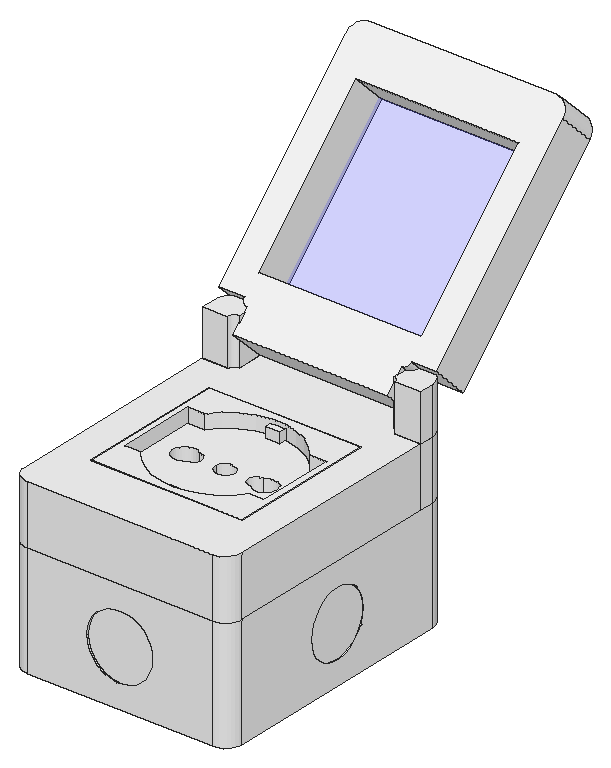
Revit family "Domotics-DomesticRanges-GEWISS-27COMBI_SYSTEM-IP55_SOCKET-OUTLET_ITA_DEU", category Apparecchi elettrici, host Superficie, Revit 2016
Family settings
  Host = Superficie
  Mantenere orientamento annotazione = Sì
  Tipo di parte = Normale
  Quota connettore circolare = Usa diametro
  Numero OmniClass = 23.80.50.14
  Titolo OmniClass = Plug Connectors
  Taglio con vuoti quando caricato = Sì
  Condiviso = Sì
  Punto di calcolo locali = No
Parameters (values of type "GW27842 - 2P+E 16A d.amp ita/ger std socket IP55")
  Voltage: = "250 V ac"
  Voltage = "230V ac"
  Version file RFA = "19.4"
  VISTA DI PIANTA [instance] = yes
  URL = "https://www.gewiss.com/ww/en"
  Type of knockout holes = "Removable with tool"
  Type = "S.-outlet 2P+E - 16A Dual amp"
  Torque screws tightening = "0,8NM"
  Thermo-pressure with ball = "70 °C"
  Technical sheet = "https://www.gewiss.com/ww/en/search?q=GW27842"
  Standard; = "IEC 60884-1"
  Standard = "Italian/German"
  SPORTELLO APERTO [instance] = yes
  SIMBOLO [instance] = yes
  SEO = "Enclosure"
  Realized by GEWISS S.p.A. = ""
  Produttore = "GEWISS S.p.A."
  Outer dim. LxHxD (mm) = "66x82x65"
  Offset = 0 mm
  No. knockout holes Ã˜23 = "3 on sides / 1 on the bottom"
  N. holes Ã˜ 23 with cable gland = "1"
  Modello = "GW27842"
  Lid screws = "Stainless steel"
  Insulation class = "II"
  Installation temperature = "-25 +60 °C"
  IP degree = "IP55"
  IFC.TypeObject = ""
  IFC.ExportType = ""
  IFC.ExportAs = ""
  IDT = "3b018f5d-86a1-401d-8f1c-9e058016ca43"
  IDF = "2141a575-97d9-42de-a12f-0ec552d68032"
  Glow Wire Test = "650°C"
  GW - Testo elettrico = "10/16"
  Default Elevation = 1219.2 mm
  Immagine tipo = GW27842.jpg
  Electrocod = "0131"
  EAN code = "8011564095472"
  Door type = "With membrane"
  Door colour: = "Transparent"
  Distanza orizzontale del simbolo [instance] = 280.245 mm
  Distanza dal muro [instance] = 0 mm
  Descrizione = "2P+E 16A D.AMP ITA/GER STD SOCKET IP55"
  Description: = "S.-outlet 2P+E - 16A Dual amp"
  Cornice simbolo [instance] = yes
  Colour = "Grey RAL 7035"
  Characteristics = "Italian/German standard"
  Catalogue Range = "27COMBI"
  Catalogue = "DOMOTICS"
  COBie.Tagnumber = ""
  COBie.CreatedOn = ""
  COBie.CreatebBy = ""
  COBie.ComponentRegisterItemID = ""
  COBie.Component.TagNumber = ""
  COBie.Component.Space = ""
  COBie.Component.SerialNumber = ""
  COBie.Component.InstallationDate = ""
  COBie.Component.Description = ""
  COBie.Component.BarCode = ""
Reference planes
  plane 1 "Centro (Fronte/Retro)": y = 0
  plane 2: z = 0
  plane 3 "Centro (Sinistra/Destra)": x = 0
  plane 4: z = 0
  plane 5: y = 41
  plane 6: y = -41
  plane 7: x = -33
  plane 8: x = 33
  plane 9: z = 60
  plane 10: x = -280.245
Lines and regions (mm)
  Masking region 1, visible <- "VISTA DI PIANTA"
    outline origin (0, 0, 0) x (1, 0, 0) y (0, 0, 1)
      loop
        line (-33, 60) -> (-33, 0) -> (33, 0) -> (33, 60) -> (-33, 60)
  Masking region 2, visible <- "VISTA DI PIANTA", detail levels medium+fine
    outline origin (0, 0, 0) x (1, 0, 0) y (0, 0, 1)
      loop
        circle (0, 17) r 10
  Masking region 3
    outline origin (0, 0, 0) x (0, 1, 0) y (0, 0, 1)
      loop
        line (-41, 0) -> (41, 0) -> (41, 60) -> (-41, 60) -> (-41, 0)
  Masking region 4, detail levels medium+fine
    outline origin (0, 0, 0) x (0, 1, 0) y (0, 0, 1)
      loop
        circle (0, 17) r 11.5
  Masking region 5
    outline origin (0, 0, 0) x (1, 0, 0) y (0, 1, 0)
      loop
        line (-20.961, 10.913) -> (-20.961, -12.913) -> (-16.493, -12.913)
        arc (-16.493, -12.913) -> (0, -21.345) -> (16.493, -12.913) r 20.345
        line (16.493, -12.913) -> (20.961, -12.913) -> (20.961, 10.913) -> (16.013, 10.913)
        arc (16.013, 10.913) -> (0, 18.959) -> (-16.013, 10.913) r 19.959
        line (-16.013, 10.913) -> (-20.961, 10.913)
      loop
        line (-23, 21.5) -> (-23, -23.5) -> (23, -23.5) -> (23, 21.5) -> (-23, 21.5)
  Masking region 6
    outline origin (0, 0, 0) x (1, 0, 0) y (0, 1, 0)
      loop
        line (-2.211, 18.836) -> (-2.211, 16.826) -> (2.211, 16.826) -> (2.211, 18.836)
        arc (2.211, 18.836) -> (0, 18.959) -> (-2.211, 18.836) r 19.959
      loop
        arc (-2.211, -21.223) -> (0, -21.345) -> (2.211, -21.223) r 19.959
        line (2.211, -21.223) -> (2.211, -19.213) -> (-2.211, -19.213) -> (-2.211, -21.223)
  Masking region 7
    outline origin (0, 0, 0) x (1, 0, 0) y (0, 1, 0)
      loop
        arc (-9.805, 1.27) -> (-15.774, -1.395) -> (-9.662, -3.712) r 3.536
        arc (-9.662, -3.712) -> (-7.04, -1.143) -> (-9.805, 1.27) r 2.5
      loop
        circle (0.006, -1.137) r 2.942
      loop
        arc (9.662, -3.712) -> (15.774, -1.395) -> (9.805, 1.27) r 3.536
        arc (9.805, 1.27) -> (7.04, -1.143) -> (9.662, -3.712) r 2.5
      loop
        line (-16.013, 10.913) -> (-20.961, 10.913) -> (-20.961, -12.913) -> (-16.493, -12.913)
        arc (-16.493, -12.913) -> (-10.234, -18.584) -> (-2.211, -21.225) r 20.345
        line (-2.211, -21.225) -> (-2.211, -19.213) -> (2.211, -19.213) -> (2.211, -21.225)
        arc (2.211, -21.225) -> (10.234, -18.584) -> (16.493, -12.913) r 20.345
        line (16.493, -12.913) -> (20.961, -12.913) -> (20.961, 10.913) -> (16.013, 10.913)
        arc (16.013, 10.913) -> (9.936, 16.31) -> (2.211, 18.836) r 19.959
        line (2.211, 18.836) -> (2.211, 16.826) -> (-2.211, 16.826) -> (-2.211, 18.836)
        arc (-2.211, 18.836) -> (-9.936, 16.31) -> (-16.013, 10.913) r 19.959
  model lines, detail levels coarse
    curve 1: line (-23, 21.5, 60) -> (-23, -23.5, 60)
    curve 2: line (-23, -23.5, 60) -> (23, -23.5, 60)
    curve 3: line (23, -23.5, 60) -> (23, 21.5, 60)
    curve 4: line (23, 21.5, 60) -> (-23, 21.5, 60)
    curve 5: arc (16.493, -12.913, 60) -> (0, -21.345, 60) -> (-16.493, -12.913, 60) r 20.345
    curve 6: line (-16.493, -12.913, 60) -> (-20.961, -12.913, 60)
    curve 7: line (-20.961, -12.913, 60) -> (-20.961, 10.913, 60)
    curve 8: line (-20.961, 10.913, 60) -> (-16.013, 10.913, 60)
    curve 9: arc (-16.013, 10.913, 60) -> (0, 18.959, 60) -> (16.013, 10.913, 60) r 19.959
    curve 10: line (16.013, 10.913, 60) -> (20.961, 10.913, 60)
    curve 11: line (20.961, 10.913, 60) -> (20.961, -12.913, 60)
    curve 12: line (20.961, -12.913, 60) -> (16.493, -12.913, 60)
    curve 13: arc (-9.662, -3.712, 60) -> (-15.774, -1.395, 60) -> (-9.805, 1.27, 60) r 3.536
    curve 14: arc (-9.805, 1.27, 60) -> (-7.04, -1.143, 60) -> (-9.662, -3.712, 60) r 2.5
    curve 15: arc (2.948, -1.137, 60) -> (0.006, -4.079, 60) -> (-2.935, -1.137, 60) r 2.942
    curve 16: arc (-2.935, -1.137, 60) -> (0.006, 1.805, 60) -> (2.948, -1.137, 60) r 2.942
    curve 17: arc (9.805, 1.27, 60) -> (15.774, -1.395, 60) -> (9.662, -3.712, 60) r 3.536
    curve 18: arc (9.662, -3.712, 60) -> (7.04, -1.143, 60) -> (9.805, 1.27, 60) r 2.5
    curve 19: arc (2.211, 18.836, 60) -> (0, 18.959, 60) -> (-2.211, 18.836, 60) r 19.959
    curve 20: line (-2.211, 18.836, 60) -> (-2.211, 16.826, 60)
    curve 21: line (-2.211, 16.826, 60) -> (2.211, 16.826, 60)
    curve 22: line (2.211, 16.826, 60) -> (2.211, 18.836, 60)
    curve 23: line (2.211, -19.215, 60) -> (-2.211, -19.215, 60)
    curve 24: line (-2.211, -19.215, 60) -> (-2.211, -21.225, 60)
    curve 25: arc (-2.211, -21.225, 60) -> (0, -21.345, 60) -> (2.211, -21.225, 60) r 20.345
    curve 26: line (2.211, -21.225, 60) -> (2.211, -19.215, 60)
  model lines, not visible, detail levels coarse
    curve 27: line (-23, 21.5, 60) -> (-23, -23.5, 60)
    curve 28: line (-23, -23.5, 60) -> (23, -23.5, 60)
    curve 29: line (23, -23.5, 60) -> (23, 21.5, 60)
    curve 30: line (23, 21.5, 60) -> (-23, 21.5, 60)
    curve 31: arc (16.493, -12.913, 60) -> (0, -21.345, 60) -> (-16.493, -12.913, 60) r 20.345
    curve 32: line (-16.493, -12.913, 60) -> (-20.961, -12.913, 60)
    curve 33: line (-20.961, -12.913, 60) -> (-20.961, 10.913, 60)
    curve 34: line (-20.961, 10.913, 60) -> (-16.013, 10.913, 60)
    curve 35: arc (-16.013, 10.913, 60) -> (0, 18.959, 60) -> (16.013, 10.913, 60) r 19.959
    curve 36: line (16.013, 10.913, 60) -> (20.961, 10.913, 60)
    curve 37: line (20.961, 10.913, 60) -> (20.961, -12.913, 60)
    curve 38: line (20.961, -12.913, 60) -> (16.493, -12.913, 60)
    curve 39: arc (-9.662, -3.712, 60) -> (-15.774, -1.395, 60) -> (-9.805, 1.27, 60) r 3.536
    curve 40: arc (-9.805, 1.27, 60) -> (-7.04, -1.143, 60) -> (-9.662, -3.712, 60) r 2.5
    curve 41: arc (2.948, -1.137, 60) -> (0.006, -4.079, 60) -> (-2.935, -1.137, 60) r 2.942
    curve 42: arc (-2.935, -1.137, 60) -> (0.006, 1.805, 60) -> (2.948, -1.137, 60) r 2.942
    curve 43: arc (9.805, 1.27, 60) -> (15.774, -1.395, 60) -> (9.662, -3.712, 60) r 3.536
    curve 44: arc (9.662, -3.712, 60) -> (7.04, -1.143, 60) -> (9.805, 1.27, 60) r 2.5
    curve 45: arc (2.211, 18.836, 60) -> (0, 18.959, 60) -> (-2.211, 18.836, 60) r 19.959
    curve 46: line (-2.211, 18.836, 60) -> (-2.211, 16.826, 60)
    curve 47: line (-2.211, 16.826, 60) -> (2.211, 16.826, 60)
    curve 48: line (2.211, 16.826, 60) -> (2.211, 18.836, 60)
    curve 49: line (2.211, -19.215, 60) -> (-2.211, -19.215, 60)
    curve 50: line (-2.211, -19.215, 60) -> (-2.211, -21.225, 60)
    curve 51: arc (-2.211, -21.225, 60) -> (0, -21.345, 60) -> (2.211, -21.225, 60) r 20.345
    curve 52: line (2.211, -21.225, 60) -> (2.211, -19.215, 60)
Dimensions and locks
  "Offset": plane 4 to host face
  locked: plane 7 to plane 8 at 66
  locked: plane 5 to plane 6 at 82
  locked: plane 9 to plane 4 at 60
  "Distanza orizzontale del simbolo": plane 10 to plane 3 "Centro (Sinistra/Destra)"
  aligned and locked: plane 2 to host face
  aligned and locked: level to host face
  aligned and locked: plane 3 "Centro (Sinistra/Destra)" to nested 1
  aligned and locked: plane 1 "Centro (Fronte/Retro)" to nested 1
  aligned and locked: nested 1 to plane 4
  aligned and locked: plane 7 to nested 1
  aligned and locked: plane 8 to nested 1
  aligned and locked: plane 6 to nested 1
  aligned and locked: plane 5 to nested 1
  aligned and locked: Masking region 1 sketch curve to plane 9
  aligned and locked: plane 8 to Masking region 1 sketch curve
  aligned and locked: Masking region 1 sketch curve to plane 7
  aligned and locked: plane 4 to Masking region 1 sketch curve
  aligned and locked: Masking region 3 sketch curve to plane 4
  aligned and locked: plane 9 to Masking region 3 sketch curve
  aligned and locked: plane 5 to Masking region 3 sketch curve
  aligned and locked: Masking region 3 sketch curve to plane 6
  aligned and locked: nested 1 to nested 2
  aligned and locked: nested 2 to nested 1  (x2)
  aligned and locked: plane 10 to nested 3
Automatic sketch dimensions
  host sketch curve to host sketch curve = 2438.4 mm  (x2)
  Masking region 2 sketch curve to plane 3 "Centro (Sinistra/Destra)" = 0 mm
  level to Masking region 2 sketch curve = 17 mm
  Masking region 4 sketch curve to plane 1 "Centro (Fronte/Retro)" = 0 mm
  level to Masking region 4 sketch curve = 17 mm
  curve 5 to curve 9 = 0 mm  (x4)
  curve 5 to curve 19 = 0 mm  (x4)
  curve 5 to curve 25 = 0 mm  (x4)
  curve 14 to curve 9 = 9.539 mm
  curve 5 to curve 16 = 0.006 mm
  curve 15 to curve 18 = 9.533 mm
  curve 13 to curve 17 = 0 mm
  curve 13 to curve 14 = 0.078 mm
  curve 17 to curve 18 = 0.078 mm
  curve 18 to curve 16 = 0.079 mm
  curve 15 to curve 5 = 0.137 mm
  curve 8 to curve 13 = 3.774 mm
  curve 6 to curve 13 = 4.253 mm
  curve 8 to curve 8 = 4.947 mm
  curve 1 to curve 7 = 2.039 mm
  curve 14 to curve 14 = 0.266 mm
  curve 14 to curve 14 = 0.122 mm
  curve 16 to curve 5 = 2.935 mm
  curve 19 to curve 20 = 0 mm  (x2)
  curve 19 to curve 22 = 4.421 mm
  curve 23 to curve 23 = 4.421 mm
  curve 26 to curve 25 = 0 mm  (x2)
  curve 18 to curve 17 = 0.122 mm
  curve 18 to curve 17 = 0.266 mm
  curve 17 to curve 10 = 6.208 mm
  curve 18 to curve 12 = 6.831 mm
  curve 12 to curve 12 = 4.468 mm
  curve 11 to curve 3 = 2.039 mm
  curve 14 to curve 14 = 2.497 mm
  curve 18 to curve 18 = 2.497 mm
  curve 6 to curve 13 = 9.201 mm
  curve 23 to curve 5 = 6.302 mm
  curve 24 to curve 23 = 2.01 mm
  curve 25 to curve 24 = 0 mm
  curve 3 to curve 11 = 10.587 mm
  curve 10 to curve 22 = 5.913 mm
  curve 21 to curve 22 = 2.01 mm
  curve 20 to curve 20 = 2.01 mm
  curve 10 to curve 4 = 10.587 mm
  curve 9 to curve 19 = 0 mm  (x2)
  curve 9 to curve 25 = 0 mm  (x2)
  curve 15 to curve 16 = 0 mm  (x2)
  curve 19 to curve 25 = 0 mm  (x2)
  curve 31 to curve 35 = 0 mm  (x4)
  curve 31 to curve 45 = 0 mm  (x4)
  curve 31 to curve 51 = 0 mm  (x4)
  curve 40 to curve 35 = 9.539 mm
  curve 31 to curve 42 = 0.006 mm
  curve 41 to curve 44 = 9.533 mm
  curve 39 to curve 43 = 0 mm
  curve 39 to curve 40 = 0.078 mm
  curve 43 to curve 44 = 0.078 mm
  curve 44 to curve 42 = 0.079 mm
  curve 41 to curve 31 = 0.137 mm
  curve 34 to curve 39 = 3.774 mm
  curve 32 to curve 39 = 4.253 mm
  curve 34 to curve 34 = 4.947 mm
  curve 27 to curve 33 = 2.039 mm
  curve 40 to curve 40 = 0.266 mm
  curve 40 to curve 40 = 0.122 mm
  curve 42 to curve 31 = 2.935 mm
  curve 45 to curve 46 = 0 mm  (x2)
  curve 45 to curve 48 = 4.421 mm
  curve 49 to curve 49 = 4.421 mm
  curve 52 to curve 51 = 0 mm  (x2)
  curve 44 to curve 43 = 0.122 mm
  curve 44 to curve 43 = 0.266 mm
  curve 43 to curve 36 = 6.208 mm
  curve 44 to curve 38 = 6.831 mm
  curve 38 to curve 38 = 4.468 mm
  curve 37 to curve 29 = 2.039 mm
  curve 40 to curve 40 = 2.497 mm
  curve 44 to curve 44 = 2.497 mm
  curve 32 to curve 39 = 9.201 mm
  curve 49 to curve 31 = 6.302 mm
  curve 50 to curve 49 = 2.01 mm
  curve 51 to curve 50 = 0 mm
  curve 29 to curve 37 = 10.587 mm
  curve 36 to curve 48 = 5.913 mm
  curve 47 to curve 48 = 2.01 mm
  curve 46 to curve 46 = 2.01 mm
  curve 36 to curve 30 = 10.587 mm
  curve 35 to curve 45 = 0 mm  (x2)
  curve 35 to curve 51 = 0 mm  (x2)
  curve 41 to curve 42 = 0 mm  (x2)
  curve 45 to curve 51 = 0 mm  (x2)
  Masking region 5 sketch curve to Masking region 5 sketch curve = 0 mm  (x2)
  Masking region 5 sketch curve to plane 3 "Centro (Sinistra/Destra)" = 0 mm
  Masking region 5 sketch curve to plane 3 "Centro (Sinistra/Destra)" = 16.013 mm
  Masking region 5 sketch curve to plane 3 "Centro (Sinistra/Destra)" = 16.493 mm
  Masking region 5 sketch curve to Masking region 5 sketch curve = 4.947 mm  (x2)
  Masking region 5 sketch curve to plane 1 "Centro (Fronte/Retro)" = 10.913 mm
  plane 3 "Centro (Sinistra/Destra)" to Masking region 5 sketch curve = 16.013 mm
  plane 1 "Centro (Fronte/Retro)" to Masking region 5 sketch curve = 12.913 mm
  plane 3 "Centro (Sinistra/Destra)" to Masking region 5 sketch curve = 16.493 mm
  plane 1 "Centro (Fronte/Retro)" to Masking region 5 sketch curve = 1 mm
  Masking region 5 sketch curve to plane 7 = 10 mm
  plane 8 to Masking region 5 sketch curve = 10 mm
  Masking region 5 sketch curve to Masking region 5 sketch curve = 10.587 mm  (x2)
  Masking region 6 sketch curve to plane 3 "Centro (Sinistra/Destra)" = 0 mm  (x2)
  Masking region 6 sketch curve to plane 3 "Centro (Sinistra/Destra)" = 2.211 mm  (x2)
  plane 3 "Centro (Sinistra/Destra)" to Masking region 6 sketch curve = 2.211 mm  (x2)
  plane 1 "Centro (Fronte/Retro)" to Masking region 6 sketch curve = 21.223 mm
  Masking region 6 sketch curve to Masking region 6 sketch curve = 2.01 mm  (x2)
  plane 1 "Centro (Fronte/Retro)" to Masking region 6 sketch curve = 1 mm
  plane 1 "Centro (Fronte/Retro)" to Masking region 6 sketch curve = 1.387 mm
  Masking region 6 sketch curve to Masking region 6 sketch curve = 18.213 mm
  Masking region 7 sketch curve to Masking region 7 sketch curve = 0 mm  (x6)
  Masking region 7 sketch curve to plane 3 "Centro (Sinistra/Destra)" = 0 mm
  Masking region 7 sketch curve to plane 3 "Centro (Sinistra/Destra)" = 2.211 mm  (x2)
  plane 1 "Centro (Fronte/Retro)" to Masking region 7 sketch curve = 1.215 mm  (x2)
  Masking region 7 sketch curve to Masking region 7 sketch curve = 2.701 mm  (x2)
  Masking region 7 sketch curve to Masking region 7 sketch curve = 3.774 mm  (x2)
  Masking region 7 sketch curve to Masking region 7 sketch curve = 4.253 mm  (x2)
  Masking region 7 sketch curve to Masking region 7 sketch curve = 4.468 mm
  plane 3 "Centro (Sinistra/Destra)" to Masking region 7 sketch curve = 0.006 mm
  plane 3 "Centro (Sinistra/Destra)" to Masking region 7 sketch curve = 2.211 mm  (x2)
  Masking region 7 sketch curve to Masking region 7 sketch curve = 4.947 mm
  plane 1 "Centro (Fronte/Retro)" to Masking region 7 sketch curve = 1.293 mm  (x2)
  Masking region 7 sketch curve to Masking region 7 sketch curve = 6.3 mm
  Masking region 7 sketch curve to Masking region 7 sketch curve = 2.012 mm  (x2)
  Masking region 7 sketch curve to Masking region 7 sketch curve = 0.137 mm
  Masking region 7 sketch curve to plane 1 "Centro (Fronte/Retro)" = 10.913 mm  (x2)
  Masking region 7 sketch curve to Masking region 7 sketch curve = 2.01 mm
  Masking region 7 sketch curve to plane 3 "Centro (Sinistra/Destra)" = 2.935 mm
  Masking region 7 sketch curve to Masking region 7 sketch curve = 0.122 mm  (x2)
  Masking region 7 sketch curve to plane 1 "Centro (Fronte/Retro)" = 1.27 mm  (x2)
  plane 1 "Centro (Fronte/Retro)" to Masking region 7 sketch curve = 1.137 mm
  Masking region 7 sketch curve to Masking region 7 sketch curve = 9.201 mm
  Masking region 7 sketch curve to Masking region 7 sketch curve = 6.604 mm
  radius of Masking region 2 sketch curve = 10 mm
  radius of Masking region 4 sketch curve = 11.5 mm
Nested families
  nested 1: "SYSTEM CONTENITORI IP55 COMPL PRESE ITAGER_BASE" at (0, 0, 0), Sportello aperto <- "SPORTELLO APERTO", type "GW27842"
    with Sportello chiuso no, Sportello aperto yes
  nested 2: "SYSTEM PRESE ITAGER P17-30 16A_BASE" at (0, -1, 15.3), type "GW20246 - PRESA 2P+T 16A BIV.ST.ITALIANO/TED.SY/WT"
  nested 3: "SIMBOLO PRESE" at (-280.245, 272.523, 0), Distanza dal muro <- "Distanza dal muro", BORDO ACCESO <- "Cornice simbolo", TESTO ELETTRICO <- "GW - Testo elettrico", SIMBOLO <- "SIMBOLO", type "PRESA"
    with TESTO ELETTRICO "10/16", SIMBOLO yes, Distanza dal muro 0 mm, BORDO ACCESO yes
Connectors
  cabletrayconduit at (33, 0, 17), diameter 20
    settings: on nested 1, index 1, connector width 300 mm, connector height 300 mm, connector angle 0.00°, system type 32, placement type 0, profile type 0, connector reference index -1, is primary connector yes, connector utility param no, connector description ""
  cabletrayconduit at (0, -40.592, 17), diameter 20
    settings: on nested 1, index 2, connector width 300 mm, connector height 300 mm, connector angle 0.00°, system type 32, placement type 0, profile type 0, connector reference index -1, is primary connector no, connector utility param no, connector description ""
  cabletrayconduit at (-32.526, 0, 17), diameter 20
    settings: on nested 1, index 3, connector width 300 mm, connector height 300 mm, connector angle 0.00°, system type 32, placement type 0, profile type 0, connector reference index -1, is primary connector no, connector utility param no, connector description ""
  cabletrayconduit at (0, 40.592, 17), diameter 20
    settings: on nested 1, index 4, connector width 300 mm, connector height 300 mm, connector angle 0.00°, system type 32, placement type 0, profile type 0, connector reference index -1, is primary connector no, connector utility param no, connector description ""
Definition of nested family "SYSTEM CONTENITORI IP55 COMPL PRESE ITAGER_BASE"
  Parameters (values of type "GW27842")
    VETRO = none
    Sportello chiuso [instance] = not(Sportello aperto)  # no
    Sportello aperto [instance] = yes
    Profondità scatola = 34 mm
    Offset bidimensionale = 60 mm
    Larghezza scatola = 66 mm
    SCATOLA = none
    Larghezza foro = 46 mm
    Default Elevation = 1219.2 mm
    Altezza scatola = 82 mm
    Altezza foro = 45 mm
  Reference planes
    plane 1 "Centro (Fronte/Retro)": y = 0
    plane 2: z = 0
    plane 3 "Centro (Sinistra/Destra)": x = 0
    plane 4: x = -33
    plane 5: x = 33
    plane 6 "1": y = 41
    plane 7: y = -41
    plane 8 "PIANO 1": z = 66
    plane 9: z = 34
    plane 10: z = 2
    plane 11: z = 52
    plane 12: x = -23
    plane 13: x = 23
    plane 14: y = 21.5
    plane 15: y = -23.5
    plane 16: z = 17
    plane 17 "PIANO BIDIMENSINOALE": z = 60
  Forms (mm)
    Extrusion 1, solid, material <- "SCATOLA", detail levels medium+fine
      sketch origin (0, 0, 66) x (0, -1, 0) y (1, 0, 0)
        loop
          arc (-41, -28) -> (-39.536, -31.536) -> (-36, -33) r 5
          line (-36, -33) -> (36, -33)
          arc (36, -33) -> (39.536, -31.536) -> (41, -28) r 5
          line (41, -28) -> (41, 28)
          arc (41, 28) -> (39.536, 31.536) -> (36, 33) r 5
          line (36, 33) -> (-36, 33)
          arc (-36, 33) -> (-39.536, 31.536) -> (-41, 28) r 5
          line (-41, 28) -> (-41, -28)
      from -66 to -32
    Extrusion 2, void, detail levels medium+fine
      sketch origin (0, 0, 66) x (0, -1, 0) y (1, 0, 0)
        loop
          line (-40, 28) -> (-40, -28)
          arc (-40, -28) -> (-38.828, -30.828) -> (-36, -32) r 4
          line (-36, -32) -> (36, -32)
          arc (36, -32) -> (38.828, -30.828) -> (40, -28) r 4
          line (40, -28) -> (40, 28)
          arc (40, 28) -> (38.828, 30.828) -> (36, 32) r 4
          line (36, 32) -> (-36, 32)
          arc (-36, 32) -> (-38.828, 30.828) -> (-40, 28) r 4
      from -64 to -32
    Extrusion 3, solid, material <- "SCATOLA", visible <- "Sportello chiuso", detail levels medium+fine
      sketch origin (0, 0, 66) x (0, -1, 0) y (1, 0, 0)
        loop
          line (-41, -23.414) -> (-33.415, -23.414)
          arc (-33.415, -23.414) -> (-32.861, -24.751) -> (-31.525, -25.304) r 1.89
          line (-31.525, -25.304) -> (-31.525, -33) -> (36, -33)
          arc (36, -33) -> (39.536, -31.536) -> (41, -28) r 5
          line (41, -28) -> (41, 28)
          arc (41, 28) -> (39.536, 31.536) -> (36, 33) r 5
          line (36, 33) -> (-31.525, 33) -> (-31.525, 25.304)
          arc (-31.525, 25.304) -> (-32.861, 24.751) -> (-33.415, 23.414) r 1.89
          line (-33.415, 23.414) -> (-41, 23.414) -> (-41, -23.414)
        loop
          line (26.857, 24.717) -> (-24.857, 24.717) -> (-24.857, -24.717) -> (26.857, -24.717) -> (26.857, 24.717)
      from -14 to 0
    Extrusion 4, solid, material <- "SCATOLA", detail levels medium+fine
      sketch origin (0, 0, 66) x (0, -1, 0) y (1, 0, 0)
        loop
          line (-41, -23.414) -> (-33.415, -23.414)
          arc (-33.415, -23.414) -> (-32.861, -24.751) -> (-31.525, -25.304) r 1.89
          line (-31.525, -25.304) -> (-31.525, -33) -> (36, -33)
          arc (36, -33) -> (39.536, -31.536) -> (41, -28) r 5
          line (41, -28) -> (41, 28)
          arc (41, 28) -> (39.536, 31.536) -> (36, 33) r 5
          line (36, 33) -> (-31.525, 33) -> (-31.525, 25.304)
          arc (-31.525, 25.304) -> (-32.861, 24.751) -> (-33.415, 23.414) r 1.89
          line (-33.415, 23.414) -> (-41, 23.414) -> (-41, -23.414)
        loop
          line (23.5, 23) -> (-21.5, 23) -> (-21.5, -23) -> (23.5, -23) -> (23.5, 23)
      from -32 to -14
    Extrusion 5, solid, material <- "SCATOLA", detail levels medium+fine
      sketch origin (0, 0, 66) x (0, -1, 0) y (1, 0, 0)
        loop
          arc (-41, -28) -> (-39.536, -31.536) -> (-36, -33) r 5
          line (-36, -33) -> (-31.525, -33) -> (-31.525, -25.304)
          arc (-31.525, -25.304) -> (-32.861, -24.751) -> (-33.415, -23.414) r 1.89
          line (-33.415, -23.414) -> (-41, -23.414) -> (-41, -28)
      from -14 to 0
    Extrusion 6, solid, material <- "SCATOLA", detail levels medium+fine
      sketch origin (0, 0, 66) x (0, -1, 0) y (1, 0, 0)
        loop
          line (-41, 28) -> (-41, 23.414) -> (-33.415, 23.414)
          arc (-33.415, 23.414) -> (-32.861, 24.751) -> (-31.525, 25.304) r 1.89
          line (-31.525, 25.304) -> (-31.525, 33) -> (-36, 33)
          arc (-36, 33) -> (-39.536, 31.536) -> (-41, 28) r 5
      from -14 to 0
    Extrusion 7, solid, material <- "VETRO", visible <- "Sportello chiuso", detail levels medium+fine
      sketch origin (0, 0, 66) x (0, -1, 0) y (1, 0, 0)
        loop
          line (-24.857, -24.717) -> (26.857, -24.717) -> (26.857, 24.717) -> (-24.857, 24.717) -> (-24.857, -24.717)
      from -1.5 to 0
    Extrusion 8, solid, material <- "SCATOLA", visible <- "Sportello aperto", detail levels medium+fine
      sketch origin (0, 69.991, 80.991) x (0, 0.707107, 0.707107) y (1, 0, 0)
        loop
          line (-41, -23.414) -> (-33.415, -23.414)
          arc (-33.415, -23.414) -> (-32.861, -24.751) -> (-31.525, -25.304) r 1.89
          line (-31.525, -25.304) -> (-31.525, -33) -> (36, -33)
          arc (36, -33) -> (39.536, -31.536) -> (41, -28) r 5
          line (41, -28) -> (41, 28)
          arc (41, 28) -> (39.536, 31.536) -> (36, 33) r 5
          line (36, 33) -> (-31.525, 33) -> (-31.525, 25.304)
          arc (-31.525, 25.304) -> (-32.861, 24.751) -> (-33.415, 23.414) r 1.89
          line (-33.415, 23.414) -> (-41, 23.414) -> (-41, -23.414)
        loop
          line (26.857, 24.717) -> (-24.857, 24.717) -> (-24.857, -24.717) -> (26.857, -24.717) -> (26.857, 24.717)
      from -14 to 0
    Extrusion 9, solid, material <- "VETRO", visible <- "Sportello aperto", detail levels medium+fine
      sketch origin (0, 69.991, 80.991) x (0, 0.707107, 0.707107) y (1, 0, 0)
        loop
          line (-24.857, -24.717) -> (26.857, -24.717) -> (26.857, 24.717) -> (-24.857, 24.717) -> (-24.857, -24.717)
      from -1.5 to 0
    Extrusion 10, solid, material <- "SCATOLA", visible <- "Sportello aperto", not visible
      sketch origin (210, 0, -63.711) x (0, -1, 0) y (1, 0, 0)
        loop
          line (-41, -56.414) -> (-33.415, -56.414)
          arc (-33.415, -56.414) -> (-32.861, -57.751) -> (-31.525, -58.304) r 1.89
          line (-31.525, -58.304) -> (-31.525, -66) -> (36, -66)
          arc (36, -66) -> (39.536, -64.536) -> (41, -61) r 5
          line (41, -61) -> (41, 61)
          arc (41, 61) -> (39.536, 64.536) -> (36, 66) r 5
          line (36, 66) -> (-31.525, 66) -> (-31.525, 58.304)
          arc (-31.525, 58.304) -> (-32.861, 57.751) -> (-33.415, 56.414) r 1.89
          line (-33.415, 56.414) -> (-41, 56.414) -> (-41, -56.414)
        loop
          line (26.857, 57.717) -> (-24.857, 57.717) -> (-24.857, -57.717) -> (26.857, -57.717) -> (26.857, 57.717)
      from -14 to 0
    Extrusion 11, solid, material <- "VETRO", visible <- "Sportello aperto", not visible
      sketch origin (210, 0, -63.711) x (0, -1, 0) y (1, 0, 0)
        loop
          line (-24.857, -57.717) -> (26.857, -57.717) -> (26.857, 57.717) -> (-24.857, 57.717) -> (-24.857, -57.717)
      from -1.5 to 0
    Extrusion 12, solid, material <- "SCATOLA", detail levels fine
      sketch origin (0, 0, 0) x (1, 0, 0) y (0, 0, 1)
        loop
          circle (0, 17) r 16
      from -43 to -41
    Extrusion 13, solid, material <- "SCATOLA", detail levels fine
      sketch origin (0, 41, 0) x (-1, 0, 0) y (0, 0, 1)
        loop
          circle (0, 17) r 13
      from 5 to 3
    Extrusion 14, solid, material <- "SCATOLA", detail levels fine
      sketch origin (0, 41, 0) x (-1, 0, 0) y (0, 0, 1)
        loop
          circle (0, 17) r 10
      from 8 to 6
    Extrusion 15, solid, material <- "SCATOLA", detail levels fine
      sketch origin (0, 41, 0) x (-1, 0, 0) y (0, 0, 1)
        loop
          circle (0, 17) r 3
      from 2 to 6
    Extrusion 16, solid, material <- "SCATOLA", detail levels medium+fine
      sketch origin (0, 0, 0) x (1, 0, 0) y (0, 1, 0)
        loop
          line (-23.414, 33.415) -> (-23.414, 41) -> (-28, 41)
          arc (-28, 41) -> (-31.536, 39.536) -> (-33, 36) r 5
          line (-33, 36) -> (-33, 31.525) -> (-25.304, 31.525)
          arc (-25.304, 31.525) -> (-24.751, 32.861) -> (-23.414, 33.415) r 1.89
        loop
          arc (23.414, 33.415) -> (24.751, 32.861) -> (25.304, 31.525) r 1.89
          line (25.304, 31.525) -> (33, 31.525) -> (33, 36)
          arc (33, 36) -> (31.536, 39.536) -> (28, 41) r 5
          line (28, 41) -> (23.414, 41) -> (23.414, 33.415)
      from 34 to 52
    Extrusion 17, void, detail levels medium+fine
      sketch origin (0, 0, 0) x (0, 1, 0) y (0, 0, 1)
        loop
          circle (0, 17) r 10
      from 32.526 to 33
    Extrusion 18, void, detail levels medium+fine
      sketch origin (0, 0, 0) x (1, 0, 0) y (0, 0, 1)
        loop
          circle (0, 17) r 10
      from 40.592 to 41
    Extrusion 19, void, detail levels medium+fine
      sketch origin (0, 0, 0) x (0, 1, 0) y (0, 0, -1)
        loop
          circle (0, -17) r 11.5
      from 32.526 to 33
    Extrusion 20, void, detail levels medium+fine
      sketch origin (0, 0, 0) x (1, 0, 0) y (0, 0, -1)
        loop
          circle (0, -17) r 10
      from 40.592 to 41
    Extrusion 21, solid, material <- "SCATOLA", detail levels coarse
      sketch origin (0, 0, 66) x (0, -1, 0) y (1, 0, 0)
        loop
          arc (36, -33) -> (39.536, -31.536) -> (41, -28) r 5
          line (41, -28) -> (41, 28)
          arc (41, 28) -> (39.536, 31.536) -> (36, 33) r 5
          line (36, 33) -> (-31.525, 33) -> (-36, 33)
          arc (-36, 33) -> (-39.536, 31.536) -> (-41, 28) r 5
          line (-41, 28) -> (-41, -28)
          arc (-41, -28) -> (-39.536, -31.536) -> (-36, -33) r 5
          line (-36, -33) -> (36, -33)
      from -66 to -6
  Cuts and joins
    Extrusion 2, Extrusion 17, Extrusion 18, Extrusion 19, Extrusion 20 cuts Extrusion 1
  Lines and regions (mm)
    Masking region 1
      outline origin (0, 0, 66) x (0, -1, 0) y (1, 0, 0)
        loop
          line (36, 33) -> (-31.525, 33) -> (-36, 33)
          arc (-36, 33) -> (-39.536, 31.536) -> (-41, 28) r 5
          line (-41, 28) -> (-41, -28)
          arc (-41, -28) -> (-39.536, -31.536) -> (-36, -33) r 5
          line (-36, -33) -> (36, -33)
          arc (36, -33) -> (39.536, -31.536) -> (41, -28) r 5
          line (41, -28) -> (41, 28)
          arc (41, 28) -> (39.536, 31.536) -> (36, 33) r 5
        loop
          line (-21.5, 23) -> (-21.5, -23) -> (23.5, -23) -> (23.5, 23) -> (-21.5, 23)
        loop
          circle (-36, -28) r 2
        loop
          circle (-36, 28) r 2
    Masking region 2
      outline origin (0, 0, 66) x (0, -1, 0) y (1, 0, 0)
        loop
          circle (-36, -28) r 2
        loop
          circle (-36, 28) r 2
        loop
          arc (-31.525, 24.717) -> (-32.446, 24.336) -> (-32.828, 23.414) r 1.303
          line (-32.828, 23.414) -> (-32.828, -23.414)
          arc (-32.828, -23.414) -> (-32.446, -24.336) -> (-31.525, -24.717) r 1.303
          line (-31.525, -24.717) -> (26.857, -24.717) -> (26.857, 24.717) -> (-31.525, 24.717)
        loop
          line (-21.5, 23) -> (-21.5, -23) -> (23.5, -23) -> (23.5, 23) -> (-21.5, 23)
        loop
          line (41, -25.996) -> (41, -23.996) -> (38.247, -23.996)
          arc (38.247, -23.996) -> (36.833, -23.41) -> (36.247, -21.996) r 2
          line (36.247, -21.996) -> (36.247, 21.996)
          arc (36.247, 21.996) -> (36.833, 23.41) -> (38.247, 23.996) r 2
          line (38.247, 23.996) -> (41, 23.996) -> (41, 25.996) -> (36.247, 25.996)
          arc (36.247, 25.996) -> (34.833, 25.41) -> (34.247, 23.996) r 2
          line (34.247, 23.996) -> (34.247, -23.996)
          arc (34.247, -23.996) -> (34.833, -25.41) -> (36.247, -25.996) r 2
          line (36.247, -25.996) -> (41, -25.996)
    Masking region 3
      outline origin (0, 0, 66) x (0, -1, 0) y (1, 0, 0)
        loop
          line (-31.525, -33) -> (-31.525, -25.304)
          arc (-31.525, -25.304) -> (-32.861, -24.751) -> (-33.415, -23.414) r 1.89
          line (-33.415, -23.414) -> (-41, -23.414) -> (-41, -28)
          arc (-41, -28) -> (-39.536, -31.536) -> (-36, -33) r 5
          line (-36, -33) -> (-31.525, -33)
        loop
          circle (-36, -28) r 2
        loop
          line (-31.525, 25.304) -> (-31.525, 33) -> (-36, 33)
          arc (-36, 33) -> (-39.536, 31.536) -> (-41, 28) r 5
          line (-41, 28) -> (-41, 23.414) -> (-33.415, 23.414)
          arc (-33.415, 23.414) -> (-32.861, 24.751) -> (-31.525, 25.304) r 1.89
        loop
          circle (-36, 28) r 2
        loop
          line (-24.857, -24.717) -> (-24.857, 24.717) -> (-31.525, 24.717)
          arc (-31.525, 24.717) -> (-32.446, 24.336) -> (-32.828, 23.414) r 1.303
          line (-32.828, 23.414) -> (-32.828, -23.414)
          arc (-32.828, -23.414) -> (-32.446, -24.336) -> (-31.525, -24.717) r 1.303
          line (-31.525, -24.717) -> (-24.857, -24.717)
    model lines, detail levels coarse
      curve 1: line (-28, 41, 60) -> (28, 41, 60)
      curve 2: arc (-28, 41, 60) -> (-31.536, 39.536, 60) -> (-33, 36, 60) r 5
      curve 3: line (-33, -36, 60) -> (-33, 36, 60)
      curve 4: arc (-28, -41, 60) -> (-31.536, -39.536, 60) -> (-33, -36, 60) r 5
      curve 5: line (28, -41, 60) -> (-28, -41, 60)
      curve 6: line (-23.996, -41, 60) -> (-23.996, -38.247, 60)
      curve 7: line (-25.996, -41, 60) -> (-25.996, -36.247, 60)
      curve 8: arc (-21.996, -36.247, 60) -> (-23.41, -36.833, 60) -> (-23.996, -38.247, 60) r 2
      curve 9: arc (-23.996, -34.247, 60) -> (-25.41, -34.833, 60) -> (-25.996, -36.247, 60) r 2
      curve 10: line (-23.996, -34.247, 60) -> (23.996, -34.247, 60)
      curve 11: line (-21.996, -36.247, 60) -> (21.996, -36.247, 60)
      curve 12: arc (23.996, -38.247, 60) -> (23.41, -36.833, 60) -> (21.996, -36.247, 60) r 2
      curve 13: line (23.996, -41, 60) -> (23.996, -38.247, 60)
      curve 14: arc (25.996, -36.247, 60) -> (25.41, -34.833, 60) -> (23.996, -34.247, 60) r 2
      curve 15: line (25.996, -41, 60) -> (25.996, -36.247, 60)
      curve 16: arc (33, -36, 60) -> (31.536, -39.536, 60) -> (28, -41, 60) r 5
      curve 17: line (33, 36, 60) -> (33, -36, 60)
      curve 18: arc (28, 41, 60) -> (31.536, 39.536, 60) -> (33, 36, 60) r 5
      curve 19: line (23.414, 41, 60) -> (23.414, 33.415, 60)
      curve 20: line (-23.414, 41, 60) -> (-23.414, 33.415, 60)
      curve 21: circle (-28, 36, 60) r 2 normal (0, 0, 1)
      curve 22: line (-29.912, 35.413, 60) -> (-26.7, 37.52, 60)
      curve 23: line (-26.172, 36.81, 60) -> (-29.472, 34.646, 60)
      curve 24: circle (28, 36, 60) r 2 normal (0, 0, -1)
      curve 25: line (29.912, 35.413, 60) -> (26.7, 37.52, 60)
      curve 26: line (26.172, 36.81, 60) -> (29.472, 34.646, 60)
      curve 27: line (33, 31.525, 60) -> (25.304, 31.525, 60)
      curve 28: arc (23.414, 33.415, 60) -> (24.751, 32.861, 60) -> (25.304, 31.525, 60) r 1.89
      curve 29: line (-23.414, 33.415, 60) -> (23.414, 33.415, 60)
      curve 30: arc (-23.414, 33.415, 60) -> (-24.751, 32.861, 60) -> (-25.304, 31.525, 60) r 1.89
      curve 31: line (-33, 31.525, 60) -> (-25.304, 31.525, 60)
      curve 32: arc (-23.414, 32.828, 60) -> (-24.336, 32.446, 60) -> (-24.717, 31.525, 60) r 1.303
      curve 33: line (-23.414, 32.828, 60) -> (23.414, 32.828, 60)
      curve 34: arc (23.414, 32.828, 60) -> (24.336, 32.446, 60) -> (24.717, 31.525, 60) r 1.303
      curve 35: line (24.717, 31.525, 60) -> (24.717, -26.857, 60)
      curve 36: line (-24.717, -26.857, 60) -> (-24.717, 31.525, 60)
      curve 37: line (-24.717, 24.857, 60) -> (24.717, 24.857, 60)
      curve 38: line (-23, 21.5, 60) -> (23, 21.5, 60)
      curve 39: line (23, 21.5, 60) -> (23, -23.5, 60)
      curve 40: line (-23, -23.5, 60) -> (-23, 21.5, 60)
      curve 41: line (23, -23.5, 60) -> (-23, -23.5, 60)
      curve 42: line (24.717, -26.857, 60) -> (-24.717, -26.857, 60)
    model lines, not visible, detail levels coarse
      curve 43: line (-28, 41, 60) -> (28, 41, 60)
      curve 44: arc (-28, 41, 60) -> (-31.536, 39.536, 60) -> (-33, 36, 60) r 5
      curve 45: line (-33, -36, 60) -> (-33, 36, 60)
      curve 46: arc (-28, -41, 60) -> (-31.536, -39.536, 60) -> (-33, -36, 60) r 5
      curve 47: line (28, -41, 60) -> (-28, -41, 60)
      curve 48: line (-23.996, -41, 60) -> (-23.996, -38.247, 60)
      curve 49: line (-25.996, -41, 60) -> (-25.996, -36.247, 60)
      curve 50: arc (-21.996, -36.247, 60) -> (-23.41, -36.833, 60) -> (-23.996, -38.247, 60) r 2
      curve 51: arc (-23.996, -34.247, 60) -> (-25.41, -34.833, 60) -> (-25.996, -36.247, 60) r 2
      curve 52: line (-23.996, -34.247, 60) -> (23.996, -34.247, 60)
      curve 53: line (-21.996, -36.247, 60) -> (21.996, -36.247, 60)
      curve 54: arc (23.996, -38.247, 60) -> (23.41, -36.833, 60) -> (21.996, -36.247, 60) r 2
      curve 55: line (23.996, -41, 60) -> (23.996, -38.247, 60)
      curve 56: arc (25.996, -36.247, 60) -> (25.41, -34.833, 60) -> (23.996, -34.247, 60) r 2
      curve 57: line (25.996, -41, 60) -> (25.996, -36.247, 60)
      curve 58: arc (33, -36, 60) -> (31.536, -39.536, 60) -> (28, -41, 60) r 5
      curve 59: line (33, 36, 60) -> (33, -36, 60)
      curve 60: arc (28, 41, 60) -> (31.536, 39.536, 60) -> (33, 36, 60) r 5
      curve 61: line (23.414, 41, 60) -> (23.414, 33.415, 60)
      curve 62: line (-23.414, 41, 60) -> (-23.414, 33.415, 60)
      curve 63: circle (-28, 36, 60) r 2 normal (0, 0, 1)
      curve 64: line (-29.912, 35.413, 60) -> (-26.7, 37.52, 60)
      curve 65: line (-26.172, 36.81, 60) -> (-29.472, 34.646, 60)
      curve 66: circle (28, 36, 60) r 2 normal (0, 0, -1)
      curve 67: line (29.912, 35.413, 60) -> (26.7, 37.52, 60)
      curve 68: line (26.172, 36.81, 60) -> (29.472, 34.646, 60)
      curve 69: line (33, 31.525, 60) -> (25.304, 31.525, 60)
      curve 70: arc (23.414, 33.415, 60) -> (24.751, 32.861, 60) -> (25.304, 31.525, 60) r 1.89
      curve 71: line (-23.414, 33.415, 60) -> (23.414, 33.415, 60)
      curve 72: arc (-23.414, 33.415, 60) -> (-24.751, 32.861, 60) -> (-25.304, 31.525, 60) r 1.89
      curve 73: line (-33, 31.525, 60) -> (-25.304, 31.525, 60)
      curve 74: arc (-23.414, 32.828, 60) -> (-24.336, 32.446, 60) -> (-24.717, 31.525, 60) r 1.303
      curve 75: line (-23.414, 32.828, 60) -> (23.414, 32.828, 60)
      curve 76: arc (23.414, 32.828, 60) -> (24.336, 32.446, 60) -> (24.717, 31.525, 60) r 1.303
      curve 77: line (24.717, 31.525, 60) -> (24.717, -26.857, 60)
      curve 78: line (-24.717, -26.857, 60) -> (-24.717, 31.525, 60)
      curve 79: line (-24.717, 24.857, 60) -> (24.717, 24.857, 60)
      curve 80: line (-23, 21.5, 60) -> (23, 21.5, 60)
      curve 81: line (23, 21.5, 60) -> (23, -23.5, 60)
      curve 82: line (-23, -23.5, 60) -> (-23, 21.5, 60)
      curve 83: line (23, -23.5, 60) -> (-23, -23.5, 60)
      curve 84: line (24.717, -26.857, 60) -> (-24.717, -26.857, 60)
      curve 85: line (-23, 22.5, -20.04) -> (23, 22.5, -20.04)
      curve 86: line (-23, -22.5, -20.04) -> (-23, 22.5, -20.04)
      curve 87: line (23, -22.5, -20.04) -> (-23, -22.5, -20.04)
      curve 88: line (23, 22.5, -20.04) -> (23, -22.5, -20.04)
      curve 89: line (20.961, -11.913, -20.04) -> (20.961, 11.913, -20.04)
      curve 90: line (20.961, 11.913, -20.04) -> (16.013, 11.913, -20.04)
      curve 91: arc (16.013, 11.913, -20.04) -> (0, 19.959, -20.04) -> (-16.013, 11.913, -20.04) r 19.959
      curve 92: line (-20.961, 11.913, -20.04) -> (-16.013, 11.913, -20.04)
      curve 93: line (-20.961, -11.913, -20.04) -> (-20.961, 11.913, -20.04)
      curve 94: line (-16.493, -11.913, -20.04) -> (-20.961, -11.913, -20.04)
      curve 95: arc (-16.493, -11.913, -20.04) -> (0, -20.345, -20.04) -> (16.493, -11.913, -20.04) r 20.345
      curve 96: line (16.493, -11.913, -20.04) -> (20.961, -11.913, -20.04)
      curve 97: line (2.211, -20.225, -20.04) -> (2.211, -18.215, -20.04)
      curve 98: line (-2.211, -20.225, -20.04) -> (-2.211, -18.215, -20.04)
      curve 99: line (2.211, -18.215, -20.04) -> (-2.211, -18.215, -20.04)
      curve 100: line (-2.211, 19.836, -20.04) -> (-2.211, 17.826, -20.04)
      curve 101: line (2.211, 19.836, -20.04) -> (2.211, 17.826, -20.04)
      curve 102: line (2.211, 17.826, -20.04) -> (-2.211, 17.826, -20.04)
      curve 103: circle (0.006, -0.137, -20.04) r 2.942 normal (0, 0, 1)
      curve 104: arc (-9.662, -2.712, -20.04) -> (-7.04, -0.143, -20.04) -> (-9.805, 2.27, -20.04) r 2.5
      curve 105: arc (-9.805, 2.27, -20.04) -> (-15.774, -0.395, -20.04) -> (-9.662, -2.712, -20.04) r 3.536
      curve 106: arc (9.805, 2.27, -20.04) -> (7.04, -0.143, -20.04) -> (9.662, -2.712, -20.04) r 2.5
      curve 107: arc (9.662, -2.712, -20.04) -> (15.774, -0.395, -20.04) -> (9.805, 2.27, -20.04) r 3.536
  Dimensions and locks
    equal spacing: plane 4, plane 3 "Centro (Sinistra/Destra)", plane 5
    equal spacing: plane 6 "1", plane 1 "Centro (Fronte/Retro)", plane 7
    "Altezza scatola": plane 6 "1" to plane 7
    "Larghezza scatola": plane 4 to plane 5
    "Profondità scatola": plane 9 to level
    plane 8 "PIANO 1" to plane 11 = 14 mm
    "Altezza foro": plane 15 to plane 14
    "Larghezza foro": plane 12 to plane 13
    equal spacing: plane 12, plane 3 "Centro (Sinistra/Destra)", plane 13
    equal spacing: level, plane 16, plane 9
    "Offset bidimensionale": plane 17 "PIANO BIDIMENSINOALE" to plane 2
    aligned and locked: level to plane 2
    aligned and locked: Extrusion 1 sketch curve to plane 6 "1"
    aligned and locked: plane 4 to Extrusion 1 sketch curve
    aligned and locked: Extrusion 1 sketch curve to plane 5
    aligned and locked: plane 7 to Extrusion 1 sketch curve
    aligned and locked: Extrusion 1 to level
    aligned and locked: Extrusion 2 to plane 10
    aligned and locked: plane 9 to Extrusion 2
    aligned and locked: plane 9 to Extrusion 1
    aligned and locked: Extrusion 3 sketch curve to plane 4
    aligned and locked: plane 6 "1" to Extrusion 3 sketch curve
    aligned and locked: plane 5 to Extrusion 3 sketch curve
    aligned and locked: Extrusion 3 sketch curve to plane 7
    aligned and locked: plane 8 "PIANO 1" to Extrusion 3
    aligned and locked: Extrusion 3 to plane 11
    aligned and locked: Extrusion 4 to Extrusion 3
    aligned and locked: Extrusion 4 to plane 9
    aligned and locked: cut or joined group of Extrusion 1, Extrusion 2, Extrusion 17, Extrusion 18, Extrusion 19, Extrusion 20 to Extrusion 5 sketch curve
    aligned and locked: Extrusion 5 sketch curve to cut or joined group of Extrusion 1, Extrusion 2, Extrusion 17, Extrusion 18, Extrusion 19, Extrusion 20
    aligned and locked: Extrusion 5 to Extrusion 3
    aligned and locked: plane 5 to Extrusion 6
    aligned and locked: Extrusion 7 sketch curve to Extrusion 3  (x2)
    aligned and locked: plane 8 "PIANO 1" to Extrusion 7
    aligned and locked: Extrusion 9 sketch curve to Extrusion 8  (x2)
    aligned and locked: Extrusion 11 sketch curve to Extrusion 10  (x2)
    aligned and locked: Extrusion 8 to plane 4
    aligned and locked: Extrusion 9 to Extrusion 8  (x2)
    aligned and locked: Extrusion 11 to Extrusion 10  (x2)
    aligned and locked: plane 4 to Extrusion 8 sketch curve
    aligned and locked: Extrusion 8 sketch curve to plane 5
    aligned and locked: plane 14 to Extrusion 4 sketch curve
    aligned and locked: Extrusion 4 sketch curve to plane 15
    aligned and locked: plane 12 to Extrusion 4 sketch curve
    aligned and locked: Extrusion 4 sketch curve to plane 13
    aligned and locked: plane 6 "1" to Extrusion 12
    aligned and locked: Extrusion 15 to Extrusion 12
    aligned and locked: Extrusion 15 to Extrusion 14
    aligned and locked: Extrusion 6 to Extrusion 4
    aligned and locked: Extrusion 5 to Extrusion 4
    aligned and locked: Extrusion 16 to Extrusion 3
    aligned and locked: Extrusion 16 to cut or joined group of Extrusion 1, Extrusion 2, Extrusion 17, Extrusion 18, Extrusion 19, Extrusion 20
    aligned and locked: Extrusion 16 sketch curve to Extrusion 4
    aligned and locked: plane 5 to Extrusion 17
    aligned and locked: Extrusion 18 to plane 7
    aligned and locked: Extrusion 1 to Extrusion 19
    aligned and locked: curve 1 to plane 6 "1"
    aligned and locked: curve 17 to plane 5
    aligned and locked: plane 4 to curve 3
    aligned and locked: plane 7 to curve 5
    aligned and locked: Extrusion 4 to plane 7
    aligned and locked: plane 5 to Extrusion 3
    aligned and locked: plane 6 "1" to Extrusion 3
    aligned and locked: Extrusion 3 to plane 4
    aligned and locked: Extrusion 3 to plane 8 "PIANO 1"
    aligned and locked: Extrusion 21 sketch curve to Extrusion 3  (x4)
    aligned and locked: plane 5 to Extrusion 21 sketch curve
    aligned and locked: Extrusion 21 to level
    aligned and locked: Extrusion 21 to curve 2
    aligned and locked: Masking region 2 to plane 13
    aligned and locked: plane 12 to Masking region 2
    aligned and locked: plane 12 to Masking region 1
    aligned and locked: Masking region 1 to plane 13
  Automatic sketch dimensions
    Extrusion 10 sketch curve to Extrusion 10 sketch curve = 7.585 mm  (x2)
    Extrusion 10 sketch curve to Extrusion 10 sketch curve = 1.89 mm  (x2)
    Extrusion 10 sketch curve to Extrusion 10 sketch curve = 6.668 mm
    Extrusion 10 sketch curve to Extrusion 10 sketch curve = 7.696 mm
    Extrusion 10 sketch curve to Extrusion 10 sketch curve = 0.587 mm  (x2)
    Extrusion 10 sketch curve to Extrusion 10 sketch curve = 112.829 mm
    Extrusion 10 sketch curve to Extrusion 10 sketch curve = 3.283 mm
    Extrusion 10 sketch curve to Extrusion 10 sketch curve = 51.714 mm
    Extrusion 10 sketch curve to Extrusion 10 sketch curve = 9.143 mm  (x2)
    Extrusion 10 sketch curve to Extrusion 10 sketch curve = 5 mm
    Extrusion 11 sketch curve to Extrusion 11 sketch curve = 51.714 mm
    Extrusion 1 sketch curve to Extrusion 1 sketch curve = 5 mm  (x2)
    Extrusion 1 sketch curve to plane 5 = 5 mm  (x2)
    Extrusion 2 sketch curve to plane 6 "1" = 1 mm
    plane 4 to Extrusion 2 sketch curve = 1 mm
    Extrusion 2 sketch curve to plane 6 "1" = 5 mm
    Extrusion 2 sketch curve to Extrusion 2 sketch curve = 4 mm
    plane 7 to Extrusion 2 sketch curve = 5 mm  (x2)
    plane 7 to Extrusion 2 sketch curve = 1 mm
    Extrusion 2 sketch curve to plane 5 = 5 mm
    Extrusion 3 sketch curve to Extrusion 3 sketch curve = 7.585 mm  (x2)
    Extrusion 3 sketch curve to plane 6 "1" = 9.475 mm
    Extrusion 3 sketch curve to Extrusion 3 sketch curve = 1.89 mm
    Extrusion 3 sketch curve to plane 14 = 3.357 mm
    plane 15 to Extrusion 3 sketch curve = 3.357 mm
    plane 7 to Extrusion 3 sketch curve = 5 mm
    Extrusion 3 sketch curve to plane 5 = 5 mm
    Extrusion 3 sketch curve to Extrusion 3 sketch curve = 7.696 mm
    Extrusion 3 sketch curve to Extrusion 3 sketch curve = 0.587 mm
    Extrusion 3 sketch curve to plane 5 = 9.586 mm
    Extrusion 3 sketch curve to plane 5 = 8.283 mm
    Extrusion 4 sketch curve to plane 6 "1" = 0 mm
    Extrusion 4 sketch curve to plane 4 = 0 mm
    Extrusion 4 sketch curve to plane 5 = 0 mm
    Extrusion 4 sketch curve to plane 7 = 0 mm
    Extrusion 4 sketch curve to Extrusion 4 sketch curve = 7.585 mm  (x2)
    Extrusion 4 sketch curve to plane 6 "1" = 9.475 mm
    Extrusion 4 sketch curve to Extrusion 4 sketch curve = 1.89 mm
    plane 7 to Extrusion 4 sketch curve = 5 mm
    Extrusion 4 sketch curve to plane 5 = 5 mm
    Extrusion 4 sketch curve to Extrusion 4 sketch curve = 7.696 mm
    Extrusion 4 sketch curve to plane 5 = 9.586 mm
    Extrusion 5 sketch curve to Extrusion 5 sketch curve = 5 mm
    Extrusion 5 sketch curve to Extrusion 5 sketch curve = 2.585 mm
    Extrusion 5 sketch curve to Extrusion 5 sketch curve = 1.89 mm
    Extrusion 5 sketch curve to Extrusion 5 sketch curve = 2.696 mm
    Extrusion 6 sketch curve to plane 6 "1" = 0 mm
    Extrusion 6 sketch curve to plane 5 = 0 mm
    plane 5 to Extrusion 6 sketch curve = 5 mm
    Extrusion 6 sketch curve to Extrusion 6 sketch curve = 2.585 mm
    Extrusion 6 sketch curve to Extrusion 6 sketch curve = 1.89 mm
    Extrusion 6 sketch curve to Extrusion 6 sketch curve = 2.696 mm
    plane 4 to Extrusion 8 sketch curve = 9.586 mm
    Extrusion 8 sketch curve to Extrusion 8 sketch curve = 7.585 mm  (x2)
    Extrusion 8 sketch curve to Extrusion 8 sketch curve = 1.89 mm  (x2)
    Extrusion 8 sketch curve to Extrusion 8 sketch curve = 6.668 mm
    Extrusion 8 sketch curve to plane 5 = 8.283 mm
    Extrusion 8 sketch curve to Extrusion 8 sketch curve = 51.714 mm
    Extrusion 8 sketch curve to Extrusion 8 sketch curve = 9.143 mm  (x2)
    Extrusion 8 sketch curve to plane 5 = 5 mm
    Extrusion 8 sketch curve to Extrusion 8 sketch curve = 0.587 mm
    Extrusion 8 sketch curve to plane 5 = 9.586 mm
    Extrusion 9 sketch curve to Extrusion 9 sketch curve = 51.714 mm
    Extrusion 12 sketch curve to plane 3 "Centro (Sinistra/Destra)" = 0 mm
    Extrusion 12 sketch curve to plane 16 = 0 mm
    Extrusion 13 sketch curve to plane 3 "Centro (Sinistra/Destra)" = 0 mm
    Extrusion 13 sketch curve to plane 16 = 0 mm
    Extrusion 14 sketch curve to plane 3 "Centro (Sinistra/Destra)" = 0 mm
    Extrusion 14 sketch curve to plane 16 = 0 mm
    Extrusion 15 sketch curve to plane 3 "Centro (Sinistra/Destra)" = 0 mm
    Extrusion 15 sketch curve to plane 16 = 0 mm
    Extrusion 16 sketch curve to plane 4 = 0 mm
    Extrusion 16 sketch curve to plane 6 "1" = 0 mm  (x2)
    Extrusion 16 sketch curve to plane 5 = 0 mm
    plane 4 to Extrusion 16 sketch curve = 5 mm
    Extrusion 16 sketch curve to Extrusion 16 sketch curve = 1.89 mm  (x2)
    Extrusion 16 sketch curve to plane 5 = 9.586 mm
    Extrusion 16 sketch curve to Extrusion 16 sketch curve = 4.586 mm
    Extrusion 16 sketch curve to Extrusion 16 sketch curve = 2.585 mm  (x2)
    Extrusion 17 sketch curve to plane 1 "Centro (Fronte/Retro)" = 0 mm
    plane 16 to Extrusion 17 sketch curve = 0 mm
    Extrusion 18 sketch curve to plane 3 "Centro (Sinistra/Destra)" = 0 mm
    Extrusion 18 sketch curve to plane 16 = 0 mm
    Extrusion 19 sketch curve to plane 1 "Centro (Fronte/Retro)" = 0 mm
    plane 16 to Extrusion 19 sketch curve = 0 mm
    Extrusion 20 sketch curve to plane 3 "Centro (Sinistra/Destra)" = 0 mm
    Extrusion 20 sketch curve to plane 16 = 0 mm
    Extrusion 7 sketch curve to plane 14 = 3.357 mm
    plane 15 to Extrusion 7 sketch curve = 3.357 mm
    plane 4 to Extrusion 21 sketch curve = 5 mm  (x2)
    Extrusion 21 sketch curve to plane 5 = 5 mm
    Extrusion 21 sketch curve to plane 6 "1" = 9.475 mm
    Extrusion 21 sketch curve to Extrusion 21 sketch curve = 4.475 mm
    curve 91 to curve 95 = 0 mm  (x4)
    curve 87 to curve 89 = 2.039 mm
    curve 89 to curve 96 = 4.468 mm
    curve 89 to curve 90 = 4.947 mm
    curve 95 to curve 107 = 4.253 mm
    curve 91 to curve 102 = 13.803 mm
    curve 96 to curve 97 = 14.282 mm
    curve 106 to curve 103 = 9.533 mm
    curve 103 to curve 95 = 0.006 mm
    curve 97 to curve 98 = 4.421 mm
    curve 101 to curve 102 = 4.421 mm
    curve 91 to curve 104 = 9.539 mm
    curve 104 to curve 105 = 2.701 mm
    curve 105 to curve 92 = 3.774 mm
    curve 105 to curve 94 = 4.253 mm
    curve 91 to curve 93 = 4.947 mm
    curve 93 to curve 86 = 2.039 mm
    curve 85 to curve 102 = 4.674 mm
    curve 85 to curve 90 = 10.587 mm
    curve 100 to curve 91 = 17.826 mm
    curve 91 to curve 103 = 0.137 mm
    curve 103 to curve 106 = 0.079 mm
    curve 91 to curve 104 = 0.215 mm
    curve 106 to curve 107 = 0.078 mm
    curve 104 to curve 105 = 0.078 mm
    curve 105 to curve 93 = 11.62 mm
    curve 97 to curve 97 = 2.01 mm
    curve 93 to curve 87 = 10.587 mm
    curve 106 to curve 106 = 0.266 mm
    curve 107 to curve 106 = 0.122 mm
    curve 104 to curve 105 = 0.122 mm
    curve 104 to curve 105 = 0.266 mm
    curve 106 to curve 106 = 2.486 mm
    curve 18 to curve 24 = 0 mm  (x4)
    curve 30 to curve 32 = 0 mm  (x4)
    curve 21 to curve 24 = 0 mm
    curve 18 to curve 34 = 4.475 mm
    curve 28 to curve 16 = 67.525 mm
    curve 4 to curve 16 = 0 mm
    curve 16 to curve 14 = 0.247 mm
    curve 4 to curve 9 = 0.247 mm
    curve 9 to curve 8 = 2 mm  (x2)
    curve 14 to curve 12 = 2 mm
    curve 2 to curve 4 = 0 mm
    curve 4 to curve 9 = 4.004 mm
    curve 21 to curve 32 = 4.586 mm
    curve 8 to curve 12 = 43.992 mm
    curve 12 to curve 14 = 2 mm
    curve 14 to curve 16 = 4.004 mm
    curve 25 to curve 26 = 0.709 mm
    curve 22 to curve 23 = 0.709 mm
    curve 18 to curve 25 = 0.587 mm
    curve 2 to curve 22 = 0.587 mm
    curve 22 to curve 23 = 0.767 mm
    curve 25 to curve 26 = 0.767 mm
    curve 29 to curve 32 = 1.89 mm
    curve 29 to curve 32 = 0.587 mm
    curve 34 to curve 37 = 6.668 mm
    curve 37 to curve 38 = 3.357 mm
    curve 39 to curve 14 = 12.747 mm
    curve 39 to curve 42 = 3.357 mm
    curve 10 to curve 9 = 2 mm
    curve 11 to curve 8 = 2 mm
    curve 6 to curve 6 = 2.753 mm
    curve 22 to curve 23 = 0.44 mm
    curve 22 to curve 23 = 0.528 mm
    curve 37 to curve 38 = 1.717 mm
    curve 39 to curve 28 = 0.414 mm
    curve 19 to curve 18 = 4.586 mm
    curve 39 to curve 42 = 1.717 mm
    curve 26 to curve 25 = 0.528 mm
    curve 26 to curve 25 = 0.44 mm
    curve 2 to curve 21 = 0 mm  (x4)
    curve 28 to curve 34 = 0 mm  (x4)
    curve 60 to curve 66 = 0 mm  (x4)
    curve 72 to curve 74 = 0 mm  (x4)
    curve 63 to curve 66 = 0 mm
    curve 60 to curve 76 = 4.475 mm
    curve 70 to curve 58 = 67.525 mm
    curve 46 to curve 58 = 0 mm
    curve 58 to curve 56 = 0.247 mm
    curve 46 to curve 51 = 0.247 mm
    curve 51 to curve 50 = 2 mm  (x2)
    curve 56 to curve 54 = 2 mm
    curve 44 to curve 46 = 0 mm
    curve 46 to curve 51 = 4.004 mm
    curve 63 to curve 74 = 4.586 mm
    curve 50 to curve 54 = 43.992 mm
    curve 54 to curve 56 = 2 mm
    curve 56 to curve 58 = 4.004 mm
    curve 67 to curve 68 = 0.709 mm
    curve 64 to curve 65 = 0.709 mm
    curve 60 to curve 67 = 0.587 mm
    curve 44 to curve 64 = 0.587 mm
    curve 64 to curve 65 = 0.767 mm
    curve 67 to curve 68 = 0.767 mm
    curve 71 to curve 74 = 1.89 mm
    curve 71 to curve 74 = 0.587 mm
    curve 76 to curve 79 = 6.668 mm
    curve 79 to curve 80 = 3.357 mm
    curve 81 to curve 56 = 12.747 mm
    curve 81 to curve 84 = 3.357 mm
    curve 52 to curve 51 = 2 mm
    curve 53 to curve 50 = 2 mm
    curve 48 to curve 48 = 2.753 mm
    curve 64 to curve 65 = 0.44 mm
    curve 64 to curve 65 = 0.528 mm
    curve 79 to curve 80 = 1.717 mm
    curve 81 to curve 70 = 0.414 mm
    curve 61 to curve 60 = 4.586 mm
    curve 81 to curve 84 = 1.717 mm
    curve 68 to curve 67 = 0.528 mm
    curve 68 to curve 67 = 0.44 mm
    curve 44 to curve 63 = 0 mm  (x4)
    curve 70 to curve 76 = 0 mm  (x4)
    Masking region 1 sketch curve to Masking region 1 sketch curve = 0 mm  (x4)
    Masking region 1 sketch curve to plane 6 "1" = 0 mm
    Masking region 1 sketch curve to plane 5 = 0 mm
    Masking region 1 sketch curve to plane 4 = 0 mm
    plane 14 to Masking region 1 sketch curve = 0 mm
    plane 15 to Masking region 1 sketch curve = 0 mm
    Masking region 1 sketch curve to plane 7 = 0 mm
    Masking region 1 sketch curve to plane 6 "1" = 5 mm
    Masking region 1 sketch curve to plane 5 = 5 mm
    Masking region 1 sketch curve to Masking region 1 sketch curve = 4.475 mm
    plane 7 to Masking region 1 sketch curve = 5 mm  (x2)
    Masking region 1 sketch curve to plane 3 "Centro (Sinistra/Destra)" = 23 mm
    plane 3 "Centro (Sinistra/Destra)" to Masking region 1 sketch curve = 23 mm
    plane 14 to Masking region 2 sketch curve = 0 mm
    plane 15 to Masking region 2 sketch curve = 0 mm
    Masking region 2 sketch curve to plane 7 = 0 mm  (x2)
    plane 13 to Masking region 2 sketch curve = 0.414 mm
    Masking region 2 sketch curve to plane 6 "1" = 9.475 mm  (x2)
    Masking region 2 sketch curve to plane 12 = 0.414 mm
    Masking region 2 sketch curve to Masking region 2 sketch curve = 1.303 mm
    Masking region 2 sketch curve to plane 6 "1" = 5 mm  (x2)
    plane 15 to Masking region 2 sketch curve = 3.357 mm
